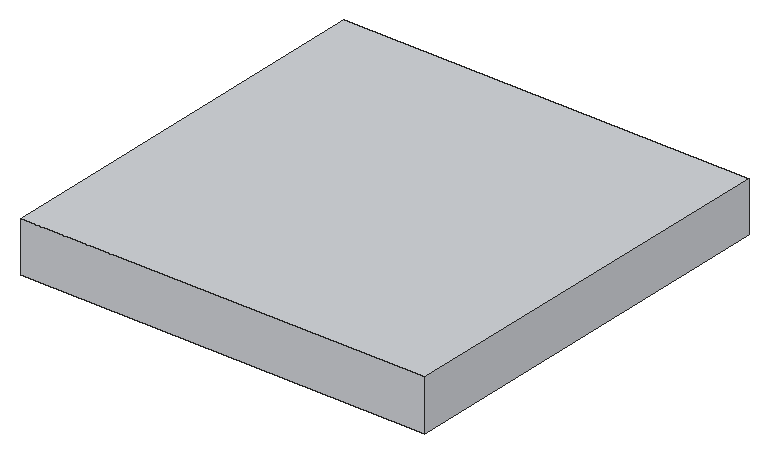
Revit family "05-E146-Z5-CL", category Luminarias, Revit 2017
Family settings
  Anfitrión = Cara
  Cota de conector redondo = Diámetro de uso
  Tipo de pieza = Normal
  Número OmniClass = 23.80.70.00
  Título OmniClass = Lighting
  Corte con vacíos al cargar = No
  Origen de luz = No
  Compartido = Sí
  Punto de cálculo de habitación = No
Parameters (values of type "05-E146-Z5-CL")
  Versión = "v1"
  Vatios (W) = 2.9
  Tipo de regulación = ""
  Tipo = "Empotrable de pared"
  Tender text (English) = "LEDS C4\nTiny Short\n05-E146-Z5-CL\n\nWall recessed for outdoor use. \n\nFor frontal lighting and downlighting. Cable meters included: 2. Structure material: Aluminium. Structure finish: Urban grey. Diffuser material: Glass. Diffuser finish: Sandblasted. UV protection. Warranty: 5 Years. Ta max: 50ºC.\n\nProduct net weight (Kg): 0.530\nProduct length (mm): 60\nProduct width or diameter (mm): 82\nProduct height (mm): 38\nProduct aperture (mm): 2.5\n\nClass 1. IP: IP65. IK: IK10. LED. No. of lampholders or LEDs: 16. LED brand: BRIDGELUX. Driver brand: HEP. Maximum power of light source: 1.9W. Colour temperature: LED warm-white 3000K. Colour rendering index: 80. MacAdam Steps: 3. Maximum diameter of luminaire bulb: 50.000h L80B20. UGR:  18.1. Photobiological risk: RG1. Real flux (lm): 18. Lm/Real W: 6. Voltage and frequency range: 220-240/50-60Hz. Voltage: 3. Gear included: Yes, electronic. Total power: 2.9. Power factor: 0.50."
  Tender text (Castellano) = "LEDS C4\nTiny Short\n05-E146-Z5-CL\n\nEmpotrado de pared de uso exterior para iluminar frontalmente y hacia abajo. \nMetros cable incluido: 2. Material estructura: Aluminio. Acabado estructura: Gris urbano. Material difusor: Cristal. Acabado difusor: Arenado. Protección contra los rayos ultravioleta. Garantía: 5 Años. Ta max: 50ºC.\n\nPeso neto del producto (Kg): 0.530\nLongitud del producto (mm): 60\nAnchura o diámetro del producto (mm): 82\nAltura del producto (mm): 38\nSalida del producto (mm): 2.5\n\nClase 1. IP: IP65. IK: IK10. LED. Nº de portalámparas o Leds: 16. Marca del LED: BRIDGELUX. Marca del Driver: HEP. Potencia máxima de la fuente de luz: 1.9W. Temperatura de color: Blanco cálido - 3000K. Índice de reproducción cromática: 80. Steps Mac Adam: 3. Diámetro máximo de la bombilla que admite la luminaria: 50.000h L80B20. UGR:  18.1. Riesgo fotobiológico: RG1. Flujo real (lm): 18. Lm/W reales: 6. Rango de voltaje/frecuencia: 220-240/50-60Hz. Voltaje: 3. Equipo incluido: Si, electrónico. Potencia total: 2.9. Factor de potencia: 0.50."
  Temperatura color led (K) = "Blanco cálido - 3000K"
  Referencia = "05-E146-Z5-CL"
  Rayo de luz = "Check Photometric file"
  Producto descatalogado = "Catalogado ES"
  Pluma comercial = ""
  Peso neto (KG) = 0.53
  Material = "Aluminio, Cristal"
  Lumenes reales (lm) = 18
  LDT = "http://files.leds-c4.com/ldt/05-E146-Z5-CL.html"
  Imagen web = "http://files.leds-c4.com/main-photo/05-E146-Z5-CL"
  IfcExportType = "NOTDEFINED"
  IfcExportAs = "IfcLightFixture\r\nIfcLightFixture"
  IP = "IP65"
  IMC = "http://files.leds-c4.com/imc/05-E146-Z5-CL.html"
  IK = "IK10"
  Fuente de luz = ""
  Fotometría = "http://files.leds-c4.com/fm/05-E146-Z5-CL.html"
  Ficha = "http://files.leds-c4.com/ft/es/05-E146-Z5-CL.html"
  FechaVersion = "Julio 2020"
  Familia = "Tiny Short"
  Fabricante = "LEDS C4"
  Etiqueta V/f = "220-240V/50-60Hz"
  Elevación por defecto = 1000 mm
  Eficiencia energética = "LED A++"
  EAN13 = "8435575319622"
  DescripcionUniformat2010 = "Lighting"
  DescripcionUniclass2015 = "Lighting"
  DescripcionOmniclass = "Lighting"
  DescripcionGubimclass = "Iluminación interior"
  CodigoUniformat2010 = "D5040"
  CodigoUniclass2015 = "EF_70_80"
  CodigoOmniclass = "21-04 50 40"
  CodigoGubimclass = "50.60.50.20"
  Catálogo = "Outdoor"
  Carga aparente = 0 VA
  CRI = 80
  Acabado = "Gris urbano, Arenado"
Types (2, lengths in mm): name | Lumenes reales (lm) | CRI
  (no name) | 0 | 0
  05-E146-Z5-CL | 18 | 80
Values of the unnamed type that differ from the named types
  Vatios (W) = 0
  Tipo = ""
  Tender text (English) = ""
  Tender text (Castellano) = ""
  Temperatura color led (K) = ""
  Referencia = ""
  Rayo de luz = ""
  Producto descatalogado = ""
  Peso neto (KG) = 0
  Material = ""
  LDT = ""
  Imagen web = ""
  IP = ""
  IMC = ""
  IK = ""
  Fotometría = ""
  Ficha = ""
  Familia = ""
  Etiqueta V/f = ""
  Eficiencia energética = ""
  EAN13 = ""
  Catálogo = ""
  Acabado = ""
Reference planes
  plane 1 "Centro (Frontal/Posterior)": y = 0
  plane 2: z = 0
  plane 3 "Centro (Izquierda/Derecha)": x = 0
  plane 4 "Elevación de origen de luz": z = 0
  plane 5 "Eje de origen de luz (F/P)": y = 0
  plane 6 "Eje de origen de luz (I/D)": x = 0
Forms (mm)
  Extrusion 1, solid
    sketch origin (0, 0, 0) x (1, 0, 0) y (0, 1, 0)
      loop
        line (-1219.2, 1219.2) -> (-1219.2, -1219.2) -> (1219.2, -1219.2) -> (1219.2, 1219.2) -> (-1219.2, 1219.2)
    from 0 to -304.8
Dimensions and locks
  aligned and locked: plane 2 to Extrusion 1
  aligned and locked: level to Extrusion 1
Nested families
  nested 1: "Luz anidada" at (11.483, 0, 9.893), type "Tipo1"
Connectors
  electrical at (0, 0, 0)
    settings: on Extrusion 1, index 1, voltage 0 V, apparent load 0 VA, apparent load phase1 0 VA, apparent load phase2 0 VA, apparent load phase3 0 VA, power factor 1, load classification "Otro", number of poles 1, system type 31, power factor state 1, is connector primary yes, connector utility no, sub classification motor no, connector description ""
Definition of nested family "Luz anidada"
  Parameters (values of type "Tipo1")
    Tilt Angle = 32.1497°
    Wattage = 2.9 W
    Tipo de regulación = ""
    Tipo = ""
    Tender text = ""
    built-in parameter 1150110 = 1 (stored number, unit not read)
    Pluma comercial = ""
    Material = ""
    Imagen = ""
    IP = ""
    IMC = ""
    IK = ""
    Fotometría = ""
    Ficha = ""
    Familia = ""
    Estado en catálogo = ""
    Peso neto = ""
    Lamp = ""
    built-in parameter 1114217 = 1 (stored number, unit not read)
    built-in parameter 1150109 = 1 (stored number, unit not read)
    Etiqueta vf = ""
    Eficiencia energética = ""
    EAN13 = ""
    built-in parameter 1150134 = (empty or 0)
    built-in parameter 1150113 = 1 (stored number, unit not read)
    Lumens = 2391 lm
    built-in parameter 1150115 = 1 (stored number, unit not read)
    built-in parameter 1150105 = 109.82 (stored number, unit not read)
    built-in parameter 1150137 = (empty or 0)
    built-in parameter 1150139 = (empty or 0)
    built-in parameter 1150112 = 1 (stored number, unit not read)
    built-in parameter 1150114 = 1 (stored number, unit not read)
    built-in parameter 1150132 = (empty or 0)
    built-in parameter 1150102 = (empty or 0)
    built-in parameter 1150138 = (empty or 0)
    built-in parameter 1150107 = 3000 (stored number, unit not read)
    built-in parameter 1150106 = 1.0982 (stored number, unit not read)
    built-in parameter 1150104 = 0.57664 (stored number, unit not read)
    Catálogo = ""
    Dimming Lamp Color Temperature Shift = (empty or 0)
    Color Filter = 16777215
    built-in parameter 1114218 = 1 (stored number, unit not read)
    CRI = 0
    Photometric Web File = "05-E146-Z5-CL.ies"
    Acabado = ""
    built-in parameter 1150133 = 10 (stored number, unit not read)
  Types (2, lengths in mm): name | Tilt Angle
    (no name) | 46.5225°
    Tipo1 | 32.1497°
  Values of the unnamed type that differ from the named types
    Wattage = 7.8 W
    built-in parameter 1150104 = 0.88139 (stored number, unit not read)
  Reference planes
    plane 1 "Eje de origen de luz (F/P)": y = 0
    plane 2: z = 0
    plane 3 "Eje de origen de luz (I/D)": x = 0
    plane 4 "Elevación de origen de luz": z = 0
  Dimensions and locks
    aligned and locked: plane 3 "Eje de origen de luz (I/D)" to imposter light
    aligned and locked: plane 1 "Eje de origen de luz (F/P)" to imposter light
    aligned and locked: plane 4 "Elevación de origen de luz" to imposter light
    aligned and locked: level to plane 2
